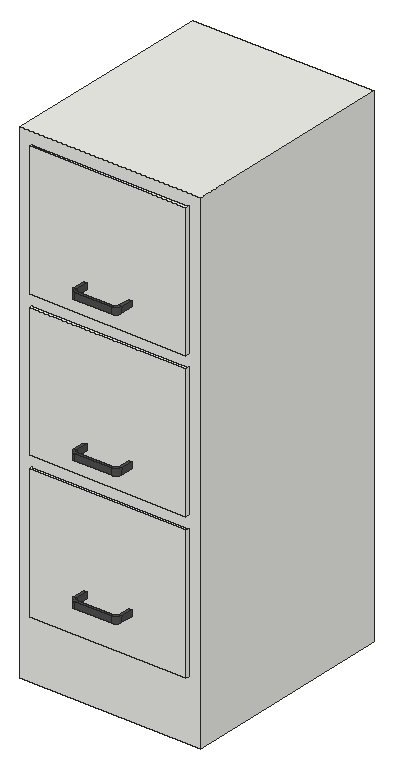
Revit family
Parameters (values of type "15" x 18"")
  Assembly Code = "E2020200"
  Cabinet Material = Metal - Paint Finish - Ivory, Glossy
  Depth = 1' - 6"
  Handle Material = Metal - Chrome
  Height = 3' - 5"
  Width = 1' - 3"
Types (7): name | Depth | Height | Width
  (no name) | 1' - 6" | 3' - 5" | 1' - 3"
  15" x 18" | 1' - 6" | 3' - 5" | 1' - 3"
  15" x 25" | 2' - 1" | 3' - 5" | 1' - 3"
  15" x 29" | 2' - 5" | 3' - 5" | 1' - 3"
  18" x 29" | 2' - 5" | 3' - 5" | 1' - 6"
  30" x 15" Lat. | 1' - 3" | 3' - 4" | 2' - 6"
  30" x 18" Lat. | 1' - 6" | 3' - 4" | 2' - 6"
Reference planes (in)
  plane 1 "Center (Front/Back)": y = -5.59584
  plane 2: z = 0
  plane 3 "Center (Left/Right)": x = -5.03529
  plane 4: x = 2.46471
  plane 5: x = -12.53529
  plane 6: y = 3.40416
  plane 7: y = -14.59584
  plane 8: z = 41
  plane 9: y = -14.84584
Forms (in)
  Extrusion 1, solid, material "Metal - Paint Finish - Ivory, Glossy" <- "Cabinet Material"
    sketch origin (0, 3.40416, 0) x (1, 0, 0) y (0, 0, 1)
      loop
        line (-11.53529, 40) -> (-11.53529, 29) -> (1.46471, 29) -> (1.46471, 40) -> (-11.53529, 40)
      loop
        line (-11.53529, 28) -> (-11.53529, 17) -> (1.46471, 17) -> (1.46471, 28) -> (-11.53529, 28)
      loop
        line (-11.53529, 16) -> (-11.53529, 5) -> (1.46471, 5) -> (1.46471, 16) -> (-11.53529, 16)
    from 18 to 18.25
  Extrusion 2, solid, material "Metal - Paint Finish - Ivory, Glossy" <- "Cabinet Material"
    sketch origin (0, 0, 0) x (1, 0, 0) y (0, 1, 0)
      loop
        line (-12.53529, 3.40416) -> (-12.53529, -14.59584) -> (2.46471, -14.59584) -> (2.46471, 3.40416) -> (-12.53529, 3.40416)
    from 0 to 41
  Sweep 3, solid, material "Metal - Chrome"
    path origin (0, 0, 0) x (1, 0, 0) y (0, 1, 0)
      loop
        line (-7.03529, -14.84584) -> (-7.03529, -15.84584)
        arc (-7.03529, -15.84584) -> (-6.88885, -16.19939) -> (-6.53529, -16.34584) r 0.5
        line (-6.53529, -16.34584) -> (-3.53529, -16.34584)
        arc (-3.53529, -16.34584) -> (-3.18174, -16.19939) -> (-3.03529, -15.84584) r 0.5
        line (-3.03529, -15.84584) -> (-3.03529, -14.84584)
    profile origin (0, -15.34584, 0) x (1, 0, 0) y (0, 0, 1)
      loop
        line (-7.03529, 8) -> (-6.78529, 8) -> (-6.78529, 8.5) -> (-7.03529, 8.5) -> (-7.03529, 8)
      loop
        line (-7.03529, 19) -> (-6.78529, 19) -> (-6.78529, 19.5) -> (-7.03529, 19.5) -> (-7.03529, 19)
      loop
        line (-7.03529, 31) -> (-6.78529, 31) -> (-6.78529, 31.5) -> (-7.03529, 31.5) -> (-7.03529, 31)
Lines and regions (in)
  Masking region 1
    outline origin (0, 0, 0) x (1, 0, 0) y (0, 1, 0)
      loop
        line (-12.53529, 3.40416) -> (-12.53529, -14.59584) -> (2.46471, -14.59584) -> (2.46471, 3.40416) -> (-12.53529, 3.40416)
  Masking region 2
    outline origin (0, 0, 0) x (1, 0, 0) y (0, 1, 0)
      loop
        line (-11.53529, -14.59584) -> (-11.53529, -14.84584) -> (1.46471, -14.84584) -> (1.46471, -14.59584) -> (-11.53529, -14.59584)
  symbolic lines
    curve 1: line (-6.78529, -15.84584, 0) -> (-6.78529, -14.84584, 0)
    curve 2: line (-3.53529, -16.09584, 0) -> (-6.53529, -16.09584, 0)
    curve 3: line (-3.28529, -14.84584, 0) -> (-3.28529, -15.84584, 0)
    curve 4: arc (-3.53529, -16.09584, 0) -> (-3.35852, -16.02262, 0) -> (-3.28529, -15.84584, 0) r 0.25
    curve 5: arc (-6.78529, -15.84584, 0) -> (-6.71207, -16.02262, 0) -> (-6.53529, -16.09584, 0) r 0.25
Dimensions and locks (in)
  equal spacing: plane 5, plane 3 "Center (Left/Right)", plane 4
  equal spacing: plane 7, plane 1 "Center (Front/Back)", plane 6
  "Width": plane 5 to plane 4
  "Depth": plane 7 to plane 6
  "Height": plane 8 to plane 2
  plane 7 to plane 9 = 0' - 0 1/4"
  aligned and locked: Extrusion 1 to plane 7
  aligned and locked: Extrusion 1 to plane 9
  aligned and locked: Extrusion 2 to plane 8
  aligned and locked: Extrusion 2 to level
  aligned and locked: plane 6 to Masking region 1 sketch curve
  aligned and locked: plane 4 to Masking region 1 sketch curve
  aligned and locked: Masking region 1 sketch curve to plane 5
  aligned and locked: Masking region 1 sketch curve to plane 7
  aligned and locked: plane 9 to Masking region 2 sketch curve
  aligned and locked: Masking region 2 sketch curve to Extrusion 1  (x2)
  aligned and locked: plane 7 to Masking region 2 sketch curve
  aligned and locked: curve 1 to Sweep 3
  aligned and locked: curve 2 to Sweep 3
  aligned and locked: curve 3 to Sweep 3
  aligned: curve 5 to Sweep 3
Automatic sketch dimensions
  Extrusion 1 sketch curve to plane 5 = 0' - 1"  (x2)
  Extrusion 1 sketch curve to Extrusion 1 sketch curve = 0' - 0"  (x2)
  plane 4 to Extrusion 1 sketch curve = 0' - 1"  (x2)
  level to Extrusion 1 sketch curve = 0' - 5"
  plane 8 to Extrusion 1 sketch curve = 0' - 1"
  Extrusion 1 sketch curve to Extrusion 1 sketch curve = 0' - 11"  (x2)
  Extrusion 1 sketch curve to Extrusion 1 sketch curve = 0' - 1"  (x2)
  Sweep 3 sketch curve to plane 9 = 0' - 0"  (x2)
  Sweep 3 sketch curve to plane 9 = 0' - 1"
  Sweep 3 sketch curve to plane 3 "Center (Left/Right)" = 0' - 2"
  Sweep 3 sketch curve to Sweep 3 sketch curve = 0' - 0 1/2"  (x4)
  plane 3 "Center (Left/Right)" to Sweep 3 sketch curve = 0' - 1 1/2"
  plane 7 to Sweep 3 sketch curve = 0' - 1 1/4"
  Sweep 3 sketch curve to profile plane = 0' - 0"  (x3)
  Sweep 3 sketch curve to profile plane = 0' - 0 1/4"  (x3)
  level to Sweep 3 sketch curve = 0' - 8"
  Sweep 3 sketch curve to Sweep 3 sketch curve = 0' - 10 1/2"
  Sweep 3 sketch curve to Sweep 3 sketch curve = 0' - 11 1/2"
  Extrusion 2 sketch curve to plane 5 = 0' - 0"
  Extrusion 2 sketch curve to plane 6 = 0' - 0"
  Extrusion 2 sketch curve to plane 4 = 0' - 0"
  Extrusion 2 sketch curve to plane 7 = 0' - 0"
  curve 1 to plane 9 = 0' - 0"
  curve 1 to curve 2 = 0' - 0 1/4"
  curve 3 to plane 9 = 0' - 0"
  curve 2 to curve 3 = 0' - 0 1/4"
